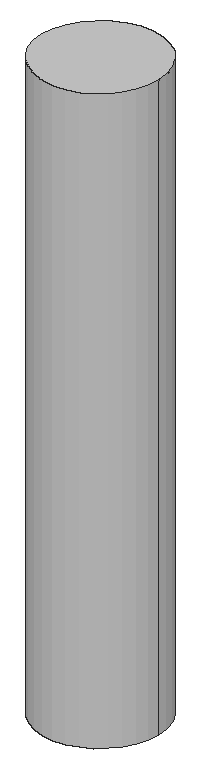
Revit family "Structural-Column_Round_NA", category Structural Columns, Revit 2020
Family settings
  Display in Hidden Views = Edges Hidden by Other Members
  Section Shape = Not Defined
  Material for Model Behavior = Concrete
  Always export as geometry = No
  Beam cutback in plan = From geometry
  OmniClass Number = 23.25.30.11.14.11
  OmniClass Title = Columns
  Cut with Voids When Loaded = No
  Symbolic Representation = From Family
  Shared = No
  Show family pre-cut in plan views = Yes
Parameters (values of type "HSC_XXXX_RC-50Mpa")
  b = 500 mm
  Structural Material [instance] = Concrete, Cast-in-Place gray
Types (10, lengths in mm): name | b
  300mm | 300
  HSC_1400_RC-50Mpa | 1400
  HSC_1200_RC-50Mpa | 1200
  HSC_1000_RC-50Mpa | 1000
  HSC_1600_RC-50Mpa | 1600
  HSC_800_RC-50Mpa | 800
  HSC_500_RC-50Mpa | 500
  HSC_700_RC-50Mpa | 700
  HSC_600_RC-50Mpa | 600
  HSC_XXXX_RC-50Mpa | 500
Reference planes
  plane 1 "Center (Front/Back)": y = 0
  plane 2: z = 0
  plane 3 "Center (Left/Right)": x = 0
  plane 4: x = -250
  plane 5: x = 250
  plane 6: y = 250
  plane 7: y = -250
Forms (mm)
  Extrusion 1, solid, material "Concrete, Cast-in-Place gray" <- "Structural Material"
    sketch origin (0, 0, 0) x (1, 0, 0) y (0, 1, 0)
      loop
        circle (0, 0) r 250
    from 0 to 2500
Dimensions and locks
  equal spacing: plane 4, plane 3 "Center (Left/Right)", plane 5
  equal spacing: plane 7, plane 1 "Center (Front/Back)", plane 6
  "b": plane 7 to plane 6
  "b": plane 4 to plane 5
  aligned and locked: level to Extrusion 1
  aligned and locked: level to plane 2
  aligned and locked: Extrusion 1 to plane 2
Automatic sketch dimensions
  Extrusion 1 sketch curve to plane 1 "Center (Front/Back)" = 0 mm
  Extrusion 1 sketch curve to plane 4 = 0 mm
  Extrusion 1 sketch curve to plane 3 "Center (Left/Right)" = 0 mm
